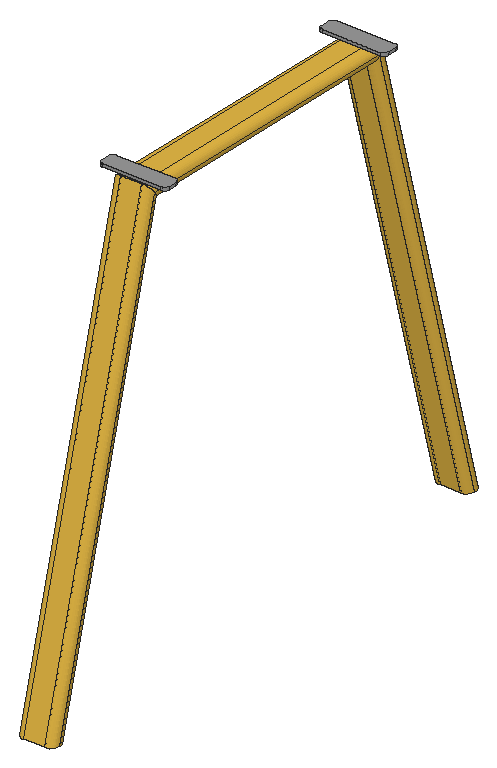
Revit family "FU_Table_Sandler_Plania_PL30255", category Furniture, Revit 2020
Family settings
  OmniClass Number = 23.40.20.00
  OmniClass Title = General Furniture and Specialties
  Work Plane-Based = No
  Always vertical = Yes
  Cut with Voids When Loaded = No
  Shared = No
  Room Calculation Point = No
Parameters (values of type "PL30155")
  Width = 145 mm
  URL = "https://www.sandlerseating.com/product/pl30255/"
  Model = "Plania PL30255"
  Manufacturer = "Sandler"
  Height = 981.5 mm
  Description = "104cm / 41″ high aluminium trestle legs with cable way out for 120cm / 48″ wide Plania table tops. Epoxy finish."
  Depth = 1150.8 mm
  Default Elevation = 0 mm
  Aluminum = M2_Y62
Reference planes
  plane 1 "Center (Front/Back)": y = 0
  plane 2: z = 0
  plane 3 "Center (Left/Right)": x = 0
  plane 4 "Right": x = -72.5
  plane 5 "Left": x = 72.5
  plane 6 "Back": y = 575.4
  plane 7 "Front": y = -575.4
  plane 8 "Height": z = 981.5
  plane 9 "Seat height": z = 400
  plane 10 "Leg Right Edge": x = -40.5
  plane 11 "Leg Left Edge": x = 40.5
  plane 12 "Right Leg Angle RIGHT": through (4267.2, -557.016, 8.5) normal (0, -0.9659, 0.2588)
  plane 13 "Left Leg Angle LEFT": through (4267.2, 557.016, 8.5) normal (0, -0.9659, -0.2588)
  plane 14 "Top Leg Center RIGHT": z = 957.4
  plane 15 "Glide Height": z = 5.5
  plane 16 "Support Top": z = 975.5
  plane 17: y = -380.458
  plane 18: z = 880.108
  plane 19: y = 380.458
  plane 20 "Right Leg Angle RIGHT": through (4267.2, -479.116, 8.5) normal (0, -0.9659, 0.2588)
  plane 21: y = -302.558
  plane 22 "Left Leg Angle LEFT": through (4267.2, 479.116, 8.5) normal (0, -0.9659, -0.2588)
  plane 23: y = 302.558
Forms (mm)
  Extrusion 1, solid, material "Rubber, Black"
    sketch origin (0, 79.76, 981.5) x (-1, 0, 0) y (0, -1, 0)
      loop
        line (62.5, 392.908) -> (-62.5, 392.908)
        arc (-62.5, 392.908) -> (-69.571, 389.979) -> (-72.5, 382.908) r 10
        line (-72.5, 382.908) -> (-72.5, 365.408)
        arc (-72.5, 365.408) -> (-69.571, 358.336) -> (-62.5, 355.408) r 10
        line (-62.5, 355.408) -> (62.5, 355.408)
        arc (62.5, 355.408) -> (69.571, 358.336) -> (72.5, 365.408) r 10
        line (72.5, 365.408) -> (72.5, 382.908)
        arc (72.5, 382.908) -> (69.571, 389.979) -> (62.5, 392.908) r 10
    from -6 to 0
  Extrusion 2, void
    sketch origin (0, 0, 0) x (0, 1, 0) y (0, 0, 1)
      loop
        line (-577.08, -9.5) -> (-532.858, -9.5) -> (-532.858, 5.5) -> (-577.08, 5.5) -> (-577.08, -9.5)
    from -72.5 to 72.5
  Extrusion 3, void
    sketch origin (0, 0, 0) x (0, -1, 0) y (0, 0, -1)
      loop
        line (-577.08, 9.5) -> (-577.08, -5.5) -> (-532.858, -5.5) -> (-532.858, 9.5) -> (-577.08, 9.5)
    from -72.5 to 72.5
  Extrusion 4, solid
    sketch origin (0, 0, 0) x (1, 0, 0) y (0, 1, 0)
      loop
        arc (-14.25, -553.068) -> (-20.25, -559.068) -> (-14.25, -565.068) r 6
        line (-14.25, -565.068) -> (14.25, -565.068)
        arc (14.25, -565.068) -> (20.25, -559.068) -> (14.25, -553.068) r 6
        line (14.25, -553.068) -> (-14.25, -553.068)
    from 0 to 5.5
  Extrusion 5, solid
    sketch origin (0, 0, 0) x (1, 0, 0) y (0, 1, 0)
      loop
        line (-14.25, 553.068) -> (14.25, 553.068)
        arc (14.25, 553.068) -> (20.25, 559.068) -> (14.25, 565.068) r 6
        line (14.25, 565.068) -> (-14.25, 565.068)
        arc (-14.25, 565.068) -> (-20.25, 559.068) -> (-14.25, 553.068) r 6
    from 0 to 5.5
  Extrusion 6, solid, material "Rubber, Black"
    sketch origin (0, -79.76, 981.5) x (-1, 0, 0) y (0, -1, 0)
      loop
        arc (62.5, -392.908) -> (69.571, -389.979) -> (72.5, -382.908) r 10
        line (72.5, -382.908) -> (72.5, -365.408)
        arc (72.5, -365.408) -> (69.571, -358.336) -> (62.5, -355.408) r 10
        line (62.5, -355.408) -> (-62.5, -355.408)
        arc (-62.5, -355.408) -> (-69.571, -358.336) -> (-72.5, -365.408) r 10
        line (-72.5, -365.408) -> (-72.5, -382.908)
        arc (-72.5, -382.908) -> (-69.571, -389.979) -> (-62.5, -392.908) r 10
        line (-62.5, -392.908) -> (62.5, -392.908)
    from -6 to 0
  Sweep 7, solid, material "M2_Y62" <- "Aluminum"
    path origin (0, 0, 0) x (0, 1, 0) y (0, 0, 1)
      loop
        line (-559.068, 0) -> (-302.533, 957.4) -> (302.759, 957.4) -> (559.293, 0)
    profile "Pro Lozenge : W80xH35" origin (0, -430.8, 478.7) x (0, -0.965926, 0.258819) y (1, 0, 0)
      loop
        arc (-17.48, -22.6) -> (-12.381, -34.911) -> (-0.07, -40.01) r 17.41
        arc (-0.07, -40.01) -> (12.361, -34.638) -> (17.48, -22.1) r 17.913
        line (17.48, -22.1) -> (17.48, 22.6)
        arc (17.48, 22.6) -> (12.331, 34.96) -> (-0.07, 40.01) r 17.41
        arc (-0.07, 40.01) -> (-12.381, 34.911) -> (-17.48, 22.6) r 17.41
        line (-17.48, 22.6) -> (-17.48, -22.6)
Cuts and joins
  Extrusion 2, Extrusion 3 cuts Sweep 7
Dimensions and locks
  equal spacing: plane 4 "Right", plane 3 "Center (Left/Right)", plane 5 "Left"
  "Width": plane 4 "Right" to plane 5 "Left"
  equal spacing: plane 6 "Back", plane 1 "Center (Front/Back)", plane 7 "Front"
  "Depth": plane 6 "Back" to plane 7 "Front"
  "Height": plane 8 "Height" to level
  plane 9 "Seat height" to level = 400 mm
  locked: plane 7 "Front" to plane 17 at 194.942
  locked: plane 19 to plane 6 "Back" at 194.942
  plane 8 "Height" to plane 16 "Support Top" to plane 14 "Top Leg Center RIGHT" to plane 18 = 6 mm locked, 18.1 mm locked, 77.292 mm locked
  aligned and locked: level to plane 2
  aligned and locked: plane 15 "Glide Height" to Extrusion 4
Automatic sketch dimensions
  Extrusion 1 sketch curve to plane 5 "Left" = 0 mm
  Extrusion 1 sketch curve to plane 4 "Right" = 0 mm
  Extrusion 1 sketch curve to plane 5 "Left" = 10 mm  (x2)
  plane 4 "Right" to Extrusion 1 sketch curve = 10 mm  (x2)
  plane 17 to Extrusion 1 sketch curve = 67.31 mm
  Extrusion 1 sketch curve to Extrusion 1 sketch curve = 17.5 mm
  Extrusion 2 sketch curve to plane 15 "Glide Height" = 0 mm
  Extrusion 2 sketch curve to plane 7 "Front" = 1.68 mm
  plane 7 "Front" to Extrusion 2 sketch curve = 42.542 mm
  Extrusion 2 sketch curve to level = 9.5 mm
  Extrusion 3 sketch curve to plane 15 "Glide Height" = 0 mm
  Extrusion 3 sketch curve to plane 6 "Back" = 1.68 mm
  plane 6 "Back" to Extrusion 3 sketch curve = 42.542 mm
  level to Extrusion 3 sketch curve = 9.5 mm
  Extrusion 4 sketch curve to plane 3 "Center (Left/Right)" = 14.25 mm
  plane 3 "Center (Left/Right)" to Extrusion 4 sketch curve = 14.25 mm
  plane 7 "Front" to Extrusion 4 sketch curve = 10.332 mm
  Extrusion 4 sketch curve to Extrusion 4 sketch curve = 6 mm
  Extrusion 4 sketch curve to Extrusion 4 sketch curve = 0 mm
  plane 3 "Center (Left/Right)" to Extrusion 5 sketch curve = 14.25 mm
  Extrusion 5 sketch curve to plane 3 "Center (Left/Right)" = 14.25 mm
  plane 6 "Back" to Extrusion 5 sketch curve = 10.332 mm
  Extrusion 5 sketch curve to Extrusion 5 sketch curve = 6 mm
  Extrusion 5 sketch curve to Extrusion 5 sketch curve = 0 mm
  Extrusion 6 sketch curve to plane 5 "Left" = 0 mm
  Extrusion 6 sketch curve to plane 4 "Right" = 0 mm
  plane 5 "Left" to Extrusion 6 sketch curve = 10 mm  (x2)
  Extrusion 6 sketch curve to plane 4 "Right" = 10 mm  (x2)
  Extrusion 6 sketch curve to plane 19 = 67.31 mm
  Extrusion 6 sketch curve to Extrusion 6 sketch curve = 17.5 mm
  Sweep 7 sketch curve to level = 0 mm  (x2)
  plane 14 "Top Leg Center RIGHT" to Sweep 7 sketch curve = 0 mm
  Sweep 7 sketch curve to plane 13 "Left Leg Angle LEFT" = 0 mm
  plane 13 "Left Leg Angle LEFT" to Sweep 7 sketch curve = 0 mm
  Sweep 7 sketch curve to plane 17 = 77.924 mm
  plane 7 "Front" to Sweep 7 sketch curve = 16.332 mm
